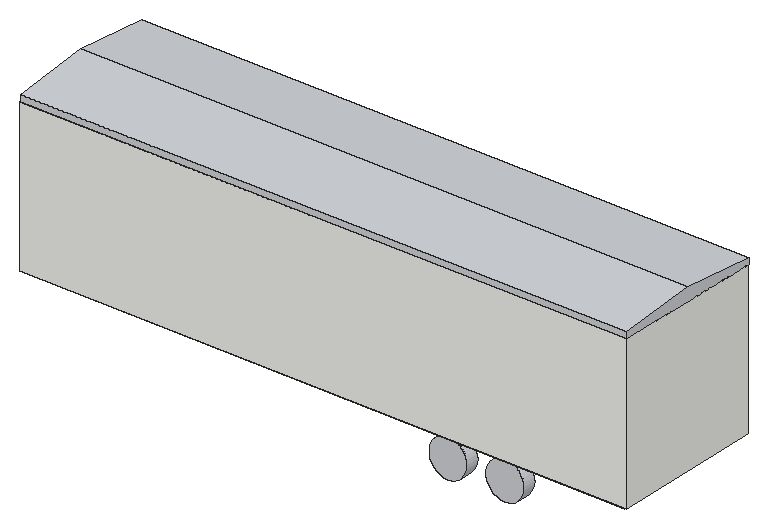
Revit family "1ff29655a6af4b4aa353793145f7f924", category Site, Revit 2021
Family settings
  Round Connector Dimension = Use Diameter
  Part Type = Normal
  Seek Item ID = Construction Trailer-0000-USA-ENU
  Work Plane-Based = No
  Always vertical = Yes
  Cut with Voids When Loaded = No
  Shared = No
Parameters (values of type "32'")
  Length = 32' - 0"
  Width = 8' - 0"
Types (3): name | Length
  (no name) | 32' - 0"
  32' | 32' - 0"
  40' | 40' - 0"
Reference planes (in)
  plane 1 "Center (Front/Back)": y = 0
  plane 2: z = 0
  plane 3 "Center (Left/Right)": x = 0
  plane 4: y = 48
  plane 5: y = -48
  plane 6: x = -192
  plane 7: x = 192
  plane 8: z = 30
  plane 9: z = 126
  plane 10: x = 107.17181
  plane 11: x = 71.17181
  plane 12: z = 130
Forms (in)
  Extrusion 1, solid, material "Finish - White"
    sketch origin (0, 0, 0) x (1, 0, 0) y (0, 1, 0)
      loop
        line (-192, 48) -> (-192, -48) -> (192, -48) -> (192, 48) -> (-192, 48)
    from 30 to 126
  Extrusion 2, solid
    sketch origin (-192, -48, 126) x (0, 0, -1) y (1, 0, 0)
      loop
        circle (114.16836, 263.17181) r 12
    from -17.76628 to -9.61921
  Extrusion 3, solid
    sketch origin (-156, -48, 126) x (0, 0, -1) y (1, 0, 0)
      loop
        circle (114.16836, 263.17181) r 12
    from -17.76628 to -9.61921
  Extrusion 4, solid
    sketch origin (-192, 48, 126) x (0, 0, -1) y (-1, 0, 0)
      loop
        circle (114.16836, -263.17181) r 12
    from -17.76628 to -9.61719
  Extrusion 5, solid
    sketch origin (-156, 48, 126) x (0, 0, -1) y (-1, 0, 0)
      loop
        circle (114.16836, -263.17181) r 12
    from -17.76628 to -9.61921
  Extrusion 6, solid
    sketch origin (0, 0, 0) x (1, 0, 0) y (0, 1, 0)
      loop
        line (-186, -42) -> (186, -42) -> (186, 42) -> (-186, 42) -> (-186, -42)
    from 25.21119 to 30
  Extrusion 7, solid
    sketch origin (-192, 48, 126) x (0, 0, -1) y (0, -1, 0)
      loop
        line (0, 0) -> (0, 96) -> (-4, 96) -> (-8.49051, 48) -> (-4, 0) -> (0, 0)
    from -384 to 0
Lines and regions (in)
  Split face 1
    outline origin (-192, -48, 126) x (0, 0, -1) y (1, 0, 0)
      loop
        line (95.29124, 289.95853) -> (95.29124, 319.95853) -> (15.29124, 319.95853) -> (15.29124, 289.95853) -> (95.29124, 289.95853)
  Split face 2
    outline origin (-192, -48, 126) x (0, 0, -1) y (1, 0, 0)
      loop
        line (15.29124, 219.13906) -> (51.29124, 219.13906) -> (51.29124, 261.13906) -> (15.29124, 261.13906) -> (15.29124, 219.13906)
  Split face 3
    outline origin (-192, -48, 126) x (0, 0, -1) y (1, 0, 0)
      loop
        line (17.06691, 220.70234) -> (50.06691, 220.70234) -> (50.06691, 259.70234) -> (17.06691, 259.70234) -> (17.06691, 220.70234)
  Split face 4
    outline origin (-312, -48, 126) x (0, 0, -1) y (1, 0, 0)
      loop
        line (15.29124, 219.13906) -> (51.29124, 219.13906) -> (51.29124, 261.13906) -> (15.29124, 261.13906) -> (15.29124, 219.13906)
  Split face 5
    outline origin (-312, -48, 126) x (0, 0, -1) y (1, 0, 0)
      loop
        line (17.06691, 220.70234) -> (50.06691, 220.70234) -> (50.06691, 259.70234) -> (17.06691, 259.70234) -> (17.06691, 220.70234)
  Split face 6
    outline origin (192, -48, 126) x (0, 0, -1) y (0, 1, 0)
      loop
        line (15.26077, 24) -> (51.26077, 24) -> (51.26077, 72) -> (15.26077, 72) -> (15.26077, 24)
  Split face 7
    outline origin (192, -48, 126) x (0, 0, -1) y (0, 1, 0)
      loop
        line (16.71367, 25.46061) -> (49.71367, 25.46061) -> (49.71367, 70.46061) -> (16.71367, 70.46061) -> (16.71367, 25.46061)
  Split face 8
    outline origin (-439, -48, 126) x (0, 0, -1) y (1, 0, 0)
      loop
        line (95.29124, 289.95853) -> (95.29124, 319.95853) -> (15.29124, 319.95853) -> (15.29124, 289.95853) -> (95.29124, 289.95853)
Dimensions and locks (in)
  equal spacing: plane 5, plane 1 "Center (Front/Back)", plane 4
  "Width": plane 5 to plane 4
  equal spacing: plane 6, plane 3 "Center (Left/Right)", plane 7
  "Length": plane 6 to plane 7
  locked: plane 9 to plane 12 at 4
  aligned and locked: plane 6 to Extrusion 1 sketch curve
  aligned and locked: plane 4 to Extrusion 1 sketch curve
  aligned and locked: plane 5 to Extrusion 1 sketch curve
  aligned and locked: plane 7 to Extrusion 1 sketch curve
  aligned and locked: Extrusion 6 to plane 8
  aligned and locked: Extrusion 7 to plane 7
  aligned and locked: Extrusion 7 to plane 6
Automatic sketch dimensions
  Extrusion 2 sketch curve to plane 11 = 0' - 0"
  plane 8 to Extrusion 2 sketch curve = 0' - 6.16836"
  level to Extrusion 2 sketch curve = 0' - 11.83164"
  Extrusion 3 sketch curve to plane 11 = 3' - 0"
  plane 8 to Extrusion 3 sketch curve = 0' - 6.16836"
  level to Extrusion 3 sketch curve = 0' - 11.83164"
  Extrusion 4 sketch curve to plane 11 = 0' - 0"
  plane 8 to Extrusion 4 sketch curve = 0' - 6.16836"
  level to Extrusion 4 sketch curve = 0' - 11.83164"
  Extrusion 5 sketch curve to plane 10 = 0' - 0"
  plane 8 to Extrusion 5 sketch curve = 0' - 6.16836"
  level to Extrusion 5 sketch curve = 0' - 11.83164"
  plane 6 to Extrusion 6 sketch curve = 0' - 6"
  plane 7 to Extrusion 6 sketch curve = 0' - 6"
  Extrusion 6 sketch curve to plane 5 = 0' - 6"
  plane 4 to Extrusion 6 sketch curve = 0' - 6"
  Split face 1 sketch curve to Extrusion 1 = 1' - 3.29124"
  Split face 1 sketch curve to Extrusion 1 = 0' - 0.70876"
  Split face 1 sketch curve to Extrusion 1 = 7' - 10.04147"
  Split face 1 sketch curve to Split face 1 sketch curve = 2' - 6"
  Split face 2 sketch curve to Extrusion 1 = 1' - 3.29124"
  Split face 2 sketch curve to Split face 2 sketch curve = 3' - 0"
  Split face 2 sketch curve to Extrusion 1 = 13' - 8.86094"
  Split face 2 sketch curve to Split face 2 sketch curve = 3' - 6"
  Split face 3 sketch curve to Extrusion 1 = 1' - 5.06691"
  Split face 3 sketch curve to Split face 3 sketch curve = 2' - 9"
  Split face 3 sketch curve to Extrusion 1 = 13' - 7.29766"
  Split face 3 sketch curve to Split face 3 sketch curve = 3' - 3"
  Split face 4 sketch curve to Split face 4 sketch curve = 3' - 0"
  Split face 4 sketch curve to Split face 4 sketch curve = 3' - 6"
  Split face 5 sketch curve to Split face 5 sketch curve = 2' - 9"
  Split face 5 sketch curve to Split face 5 sketch curve = 3' - 3"
  Split face 4 sketch curve to Extrusion 1 = 1' - 3.29124"
  Split face 4 sketch curve to Extrusion 1 = 23' - 8.86094"
  Split face 5 sketch curve to Extrusion 1 = 1' - 5.06691"
  Split face 5 sketch curve to Extrusion 1 = 23' - 7.29766"
  Split face 6 sketch curve to Extrusion 1 = 1' - 3.26077"
  Split face 6 sketch curve to Split face 6 sketch curve = 3' - 0"
  Split face 6 sketch curve to Extrusion 1 = 2' - 0"  (x2)
  Split face 7 sketch curve to Extrusion 1 = 1' - 4.71367"
  Split face 7 sketch curve to Split face 7 sketch curve = 2' - 9"
  Split face 7 sketch curve to Extrusion 1 = 2' - 1.46061"
  Split face 7 sketch curve to Extrusion 1 = 2' - 1.53939"
  Extrusion 7 sketch curve to plane 1 "Center (Front/Back)" = 0' - 0"
  Extrusion 7 sketch curve to plane 4 = 0' - 0"
  Extrusion 7 sketch curve to plane 12 = 0' - 0"  (x2)
  Extrusion 7 sketch curve to plane 5 = 0' - 0"
  Extrusion 7 sketch curve to plane 9 = 0' - 0"
  Extrusion 7 sketch curve to plane 12 = 0' - 4.49051"
  Split face 8 sketch curve to Split face 8 sketch curve = 2' - 6"
  Split face 8 sketch curve to Extrusion 1 = 1' - 3.29124"
  Split face 8 sketch curve to Extrusion 1 = 0' - 0.70876"
  Split face 8 sketch curve to Extrusion 1 = 28' - 5.04147"
